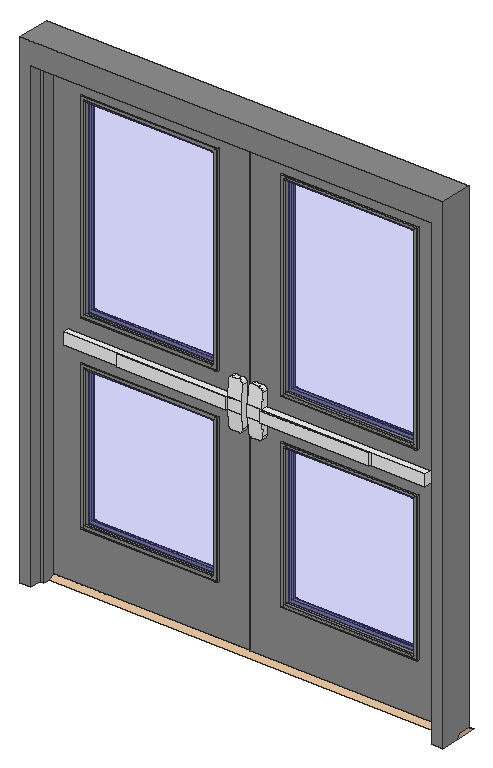
Revit family "M_Porta-Externa-Dupla-Duas-Leves", category Portas, Revit 2019
Family settings
  Hospedeiro = Parede
  Número OmniClass = 23.30.10.00
  Título OmniClass = Doors
  Sempre na vertical = Sim
  Corte com vazios quando carregada = Não
  Compartilhado = Não
  Ponto de cálculo do ambiente = Não
Parameters
  Visual Light Transmittance = 0
  Corrimão superior = 120 mm
  Comprimento do limite [instance] = if(Moldura de alvenaria, Largura + 100 mm, Largura)  # 1900 mm
  Limite [instance] = yes
  Deslocamento do limite [instance] = if(Limite, 15 mm, 0 mm)  # 15 mm
  Material do limite = Cerejeira
  Espessura = 45 mm
  Resistência térmica (R) = 0.242926 (m²·K)/W
  Ângulo de abertura [instance] = 90.00°
  Altura do traçado = 1000 mm
  Estilos = 150 mm
  Solar Heat Gain Coefficient = 0
  SinglePanelWidth = Largura / 2  # 900 mm
  Rough Width [instance] = Largura + MFOpeningWidth  # 1900 mm
  Rough Height [instance] = Height + MFOpeningHeight  # 2200 mm
  Material da barra de pânico = Metal - Aço inoxidável
  Material do painel = Metal - Pintado - Cinza
  Moldura de alvenaria [instance] = yes
  MFOpeningHeight [instance] = if(Moldura de alvenaria, 100 mm, 30 mm)  # 100 mm
  MFOpeningWidth [instance] = if(Moldura de alvenaria, 100 mm, 60 mm)  # 100 mm
  Bloquear corrimão = 200 mm
  Calcular inserção [instance] = if(Moldura de alvenaria, Inserção de alvenaria + 80 mm, 80 mm)  # 105 mm
  Inserção de alvenaria [instance] = 25 mm
  Height = 2100 mm
  Fechamento da parede = Por hospedeiro
  Largura = 1800 mm
  Coeficiente de transferência de calor (U) = 4.11674 W/(m²·K)
  Espessura do vidro = 20 mm
  Material de proteção de vidro = Metal - Pintado - Cinza
  Função = Exterior
  Material da moldura = Metal - Pintado - Cinza
  Profundidade da moldura de alvenaria = 150 mm
  Extração de material externo = Metal - Aço inoxidável
  Moldura de Dry Wall [instance] = not(Moldura de alvenaria)  # no
  Corrimão inferior = 250 mm
  Código de montagem = "B2030100"
  Construção analítica = "Moldura de metal, porta de vidro duplo"
Reference planes
  plane 1 "Centro (Frente/Trás)": y = 0
  plane 2 "Centro (Esquerda/Direita)": x = 0
  plane 3 "Esquerda": x = -950
  plane 4 "Direita": x = 950
  plane 5 "Superior": z = 2200
  plane 6 "Exterior": y = 107.95
  plane 7 "Interior": y = -95.25
  plane 8 "Painel direito da porta": x = -900
  plane 9 "Painel esquerdo da porta": x = 900
  plane 10 "Topo do painel": z = 2100
  plane 11: z = 0
  plane 12 "Face da porta interna": y = 37.95
  plane 13: z = 1000
  plane 14 "1": y = 82.95
  plane 15: y = -67.05
  plane 16: y = 33.187
  plane 17: x = -884.125
  plane 18: y = -17.838
  plane 19: z = 2149.2
  plane 20: y = 187.95
  plane 21: z = 2150
  plane 22: x = 920.05
  plane 23: x = 969.05
  plane 24: y = 120.65
  plane 25: y = -107.95
  plane 26: x = 904.175
  plane 27: y = 33.187
  plane 28: y = -4.913
  plane 29: x = 750
  plane 30: x = 150
  plane 31: x = -150
  plane 32: x = -750
  plane 33: z = 1980
  plane 34: z = 1100
  plane 35: z = 900
  plane 36: z = 250
  plane 37 "Vidro": y = 60.45
  plane 38: y = 66.65
  plane 39: y = 54.25
  plane 40: z = 1057.5
  plane 41: z = 15
  plane 42: z = 15
  plane 43: y = 215.9
  plane 44: x = -76.2
  plane 45: x = 76.2
Forms (mm)
  Extrusion 1, solid, material "Metal - Pintado - Cinza" <- "Material do painel"
    sketch origin (0, 0, 0) x (1, 0, 0) y (0, 0, 1)
      loop
        line (900, 2100) -> (1.587, 2100) -> (1.587, 15) -> (900, 15) -> (900, 2100)
      loop
        line (-900, 15) -> (-1.588, 15) -> (-1.588, 2100) -> (-900, 2100) -> (-900, 15)
      loop
        line (750, 1980) -> (150, 1980) -> (150, 1100) -> (750, 1100) -> (750, 1980)
      loop
        line (-150, 1980) -> (-750, 1980) -> (-750, 1100) -> (-150, 1100) -> (-150, 1980)
      loop
        line (750, 900) -> (150, 900) -> (150, 250) -> (750, 250) -> (750, 900)
      loop
        line (-150, 900) -> (-750, 900) -> (-750, 250) -> (-150, 250) -> (-150, 900)
    from -82.95 to -37.95
  Sweep 2, solid, material "Metal - Pintado - Cinza" <- "Material da moldura", visible <- "Moldura de alvenaria"
    path origin (0, 107.95, 0) x (1, 0, 0) y (0, 0, 1)
      loop
        line (950, 0) -> (950, 2150) -> (-950, 2150) -> (-950, 0)
    profile origin (-950, 107.95, 1075) x (0, -1, 0) y (1, 0, 0)
      loop
        line (25, 50) -> (25, 0) -> (175, 0) -> (175, 50) -> (125.787, 50) -> (125.787, 65.875) -> (74.762, 65.875) -> (74.762, 50) -> (25, 50)
  Extrusion 3, solid, material "Metal - Pintado - Cinza" <- "Material da moldura", visible <- "Moldura de alvenaria"
    sketch origin (0, 0, 0) x (0, 1, 0) y (0, 0, 1)
      loop
        line (82.95, 2200) -> (-67.05, 2200) -> (-67.05, 2149.2) -> (82.95, 2149.2) -> (82.95, 2200)
    from -950 to 950
  Sweep 4, solid, material "Metal - Pintado - Cinza" <- "Material da moldura", visible <- "Moldura de Dry Wall"
    path origin (0, 107.95, 0) x (1, 0, 0) y (0, 0, 1)
      loop
        line (950, 0) -> (950, 2200) -> (-950, 2200) -> (-950, 0)
    profile origin (950, 107.95, 1100) x (-1, 0, 0) y (0, -1, 0)
      loop
        line (-19.05, -12.7) -> (29.95, -12.7) -> (29.95, 74.762) -> (45.825, 74.762) -> (45.825, 112.862) -> (29.95, 112.862) -> (29.95, 215.9) -> (-19.05, 215.9) -> (-19.05, 203.2) -> (0, 203.2) -> (0, 0) -> (-19.05, 0) -> (-19.05, -12.7)
  Extrusion 5, solid
    sketch origin (0, 107.95, 0) x (1, 0, 0) y (0, 0, 1)
      loop
        line (750, 1980) -> (150, 1980) -> (150, 1100) -> (750, 1100) -> (750, 1980)
      loop
        line (-150, 1980) -> (-750, 1980) -> (-750, 1100) -> (-150, 1100) -> (-150, 1980)
      loop
        line (-150, 900) -> (-750, 900) -> (-750, 250) -> (-150, 250) -> (-150, 900)
      loop
        line (750, 900) -> (150, 900) -> (150, 250) -> (750, 250) -> (750, 900)
    from 37.5 to 57.5
  Sweep 6, solid, material "Metal - Pintado - Cinza" <- "Material de proteção de vidro", detail levels fine
    path origin (0, 37.95, 0) x (-1, 0, 0) y (0, 0, 1)
      loop
        line (150, 1100) -> (750, 1100) -> (750, 1980) -> (150, 1980) -> (150, 1100)
    profile "Cantoneira de vidraça : Cantoneira de vidraça" origin (-450, 37.95, 1100) x (0, 0, 1) y (0, 1, 0)
      loop
        line (0, 0) -> (-8, 0) -> (-8, -4)
        arc (-8, -4) -> (-7.414, -5.414) -> (-6, -6) r 2
        line (-6, -6) -> (7, -6)
        arc (7, -6) -> (10.536, -4.536) -> (12, -1) r 5
        line (12, -1) -> (12, 12.5) -> (0, 12.5) -> (0, 0)
  Sweep 7, solid, material "Metal - Pintado - Cinza" <- "Material de proteção de vidro", detail levels fine
    path origin (838.2, 37.95, 0) x (-1, 0, 0) y (0, 0, 1)
      loop
        line (88.2, 1100) -> (688.2, 1100) -> (688.2, 1980) -> (88.2, 1980) -> (88.2, 1100)
    profile "Cantoneira de vidraça : Cantoneira de vidraça" origin (450, 37.95, 1100) x (0, 0, 1) y (0, 1, 0)
      loop
        line (0, 0) -> (-8, 0) -> (-8, -4)
        arc (-8, -4) -> (-7.414, -5.414) -> (-6, -6) r 2
        line (-6, -6) -> (7, -6)
        arc (7, -6) -> (10.536, -4.536) -> (12, -1) r 5
        line (12, -1) -> (12, 12.5) -> (0, 12.5) -> (0, 0)
  Sweep 8, solid, material "Metal - Pintado - Cinza" <- "Material de proteção de vidro", detail levels fine
    path origin (838.2, 37.95, -990.6) x (-1, 0, 0) y (0, 0, 1)
      loop
        line (88.2, 1240.6) -> (688.2, 1240.6) -> (688.2, 1890.6) -> (88.2, 1890.6) -> (88.2, 1240.6)
    profile "Cantoneira de vidraça : Cantoneira de vidraça" origin (450, 37.95, 250) x (0, 0, 1) y (0, 1, 0)
      loop
        line (0, 0) -> (-8, 0) -> (-8, -4)
        arc (-8, -4) -> (-7.414, -5.414) -> (-6, -6) r 2
        line (-6, -6) -> (7, -6)
        arc (7, -6) -> (10.536, -4.536) -> (12, -1) r 5
        line (12, -1) -> (12, 12.5) -> (0, 12.5) -> (0, 0)
  Sweep 9, solid, material "Metal - Pintado - Cinza" <- "Material de proteção de vidro", detail levels fine
    path origin (-50.8, 37.95, -990.6) x (-1, 0, 0) y (0, 0, 1)
      loop
        line (99.2, 1240.6) -> (699.2, 1240.6) -> (699.2, 1890.6) -> (99.2, 1890.6) -> (99.2, 1240.6)
    profile "Cantoneira de vidraça : Cantoneira de vidraça" origin (-450, 37.95, 250) x (0, 0, 1) y (0, 1, 0)
      loop
        line (0, 0) -> (-8, 0) -> (-8, -4)
        arc (-8, -4) -> (-7.414, -5.414) -> (-6, -6) r 2
        line (-6, -6) -> (7, -6)
        arc (7, -6) -> (10.536, -4.536) -> (12, -1) r 5
        line (12, -1) -> (12, 12.5) -> (0, 12.5) -> (0, 0)
  Sweep 10, solid, material "Metal - Pintado - Cinza" <- "Material de proteção de vidro", detail levels fine
    path origin (0, 82.95, 0) x (-1, 0, 0) y (0, 0, 1)
      loop
        line (150, 1980) -> (150, 1100) -> (750, 1100) -> (750, 1980) -> (150, 1980)
    profile "Cantoneira de vidraça : Cantoneira de vidraça" origin (-450, 82.95, 1980) x (0, 0, 1) y (0, 1, 0)
      loop
        line (0, 0) -> (8, 0) -> (8, 4)
        arc (8, 4) -> (7.414, 5.414) -> (6, 6) r 2
        line (6, 6) -> (-7, 6)
        arc (-7, 6) -> (-10.536, 4.536) -> (-12, 1) r 5
        line (-12, 1) -> (-12, -12.5) -> (0, -12.5) -> (0, 0)
  Sweep 11, solid, material "Metal - Pintado - Cinza" <- "Material de proteção de vidro", detail levels fine
    path origin (838.2, 82.95, 0) x (-1, 0, 0) y (0, 0, 1)
      loop
        line (88.2, 1980) -> (88.2, 1100) -> (688.2, 1100) -> (688.2, 1980) -> (88.2, 1980)
    profile "Cantoneira de vidraça : Cantoneira de vidraça" origin (450, 82.95, 1980) x (0, 0, 1) y (0, 1, 0)
      loop
        line (0, 0) -> (8, 0) -> (8, 4)
        arc (8, 4) -> (7.414, 5.414) -> (6, 6) r 2
        line (6, 6) -> (-7, 6)
        arc (-7, 6) -> (-10.536, 4.536) -> (-12, 1) r 5
        line (-12, 1) -> (-12, -12.5) -> (0, -12.5) -> (0, 0)
  Sweep 12, solid, material "Metal - Pintado - Cinza" <- "Material de proteção de vidro", detail levels fine
    path origin (838.2, 82.95, -1066.8) x (-1, 0, 0) y (0, 0, 1)
      loop
        line (88.2, 1966.8) -> (88.2, 1316.8) -> (688.2, 1316.8) -> (688.2, 1966.8) -> (88.2, 1966.8)
    profile "Cantoneira de vidraça : Cantoneira de vidraça" origin (450, 82.95, 900) x (0, 0, 1) y (0, 1, 0)
      loop
        line (0, 0) -> (8, 0) -> (8, 4)
        arc (8, 4) -> (7.414, 5.414) -> (6, 6) r 2
        line (6, 6) -> (-7, 6)
        arc (-7, 6) -> (-10.536, 4.536) -> (-12, 1) r 5
        line (-12, 1) -> (-12, -12.5) -> (0, -12.5) -> (0, 0)
  Sweep 13, solid, material "Metal - Pintado - Cinza" <- "Material de proteção de vidro", detail levels fine
    path origin (-76.2, 82.95, -1066.8) x (-1, 0, 0) y (0, 0, 1)
      loop
        line (73.8, 1966.8) -> (73.8, 1316.8) -> (673.8, 1316.8) -> (673.8, 1966.8) -> (73.8, 1966.8)
    profile "Cantoneira de vidraça : Cantoneira de vidraça" origin (-450, 82.95, 900) x (0, 0, 1) y (0, 1, 0)
      loop
        line (0, 0) -> (8, 0) -> (8, 4)
        arc (8, 4) -> (7.414, 5.414) -> (6, 6) r 2
        line (6, 6) -> (-7, 6)
        arc (-7, 6) -> (-10.536, 4.536) -> (-12, 1) r 5
        line (-12, 1) -> (-12, -12.5) -> (0, -12.5) -> (0, 0)
Cuts and joins
  joined: Sweep 2, Extrusion 3
Lines and regions (mm)
  Opening 1
    outline origin (-2286, -95.25, 0) x (1, 0, 0) y (0, 0, 1)
      loop
        line (1336, 0) -> (3236, 0) -> (3236, 2200) -> (1336, 2200) -> (1336, 0)
  Masking region 1, visible <- "Moldura de alvenaria", detail levels coarse+medium
    outline origin (0, 0, 0) x (1, 0, 0) y (0, 1, 0)
      loop
        line (-950, 82.95) -> (-950, -67.05) -> (-900, -67.05) -> (-900, 82.95) -> (-950, 82.95)
      loop
        line (950, 82.95) -> (900, 82.95) -> (900, -67.05) -> (950, -67.05) -> (950, 82.95)
  Masking region 2, visible <- "Moldura de alvenaria", detail levels fine
    outline origin (0, 0, 0) x (1, 0, 0) y (0, 1, 0)
      loop
        line (-950, 82.95) -> (-950, -67.05) -> (-900, -67.05) -> (-900, -17.838) -> (-884.125, -17.838) -> (-884.125, 33.187) -> (-900, 33.187) -> (-900, 82.95) -> (-950, 82.95)
      loop
        line (950, 82.95) -> (900, 82.95) -> (900, 33.187) -> (884.125, 33.187) -> (884.125, -17.838) -> (900, -17.838) -> (900, -67.05) -> (950, -67.05) -> (950, 82.95)
  Masking region 3, visible <- "Moldura de Dry Wall", detail levels coarse+medium
    outline origin (0, 0, 0) x (1, 0, 0) y (0, 1, 0)
      loop
        line (920.05, -95.25) -> (950, -95.25) -> (950, 107.95) -> (920.05, 107.95) -> (920.05, -95.25)
      loop
        line (-950, 107.95) -> (-950, -95.25) -> (-920.05, -95.25) -> (-920.05, 107.95) -> (-950, 107.95)
  Masking region 4, visible <- "Moldura de Dry Wall", detail levels fine
    outline origin (0, 0, 0) x (1, 0, 0) y (0, 1, 0)
      loop
        line (-969.05, 120.65) -> (-969.05, 107.95) -> (-950, 107.95) -> (-950, -95.25) -> (-969.05, -95.25) -> (-969.05, -107.95) -> (-920.05, -107.95) -> (-920.05, -4.913) -> (-904.175, -4.913) -> (-904.175, 33.187) -> (-920.05, 33.187) -> (-920.05, 120.65) -> (-969.05, 120.65)
      loop
        line (969.05, 107.95) -> (969.05, 120.65) -> (920.05, 120.65) -> (920.05, 33.187) -> (904.175, 33.187) -> (904.175, -4.913) -> (920.05, -4.913) -> (920.05, -107.95) -> (969.05, -107.95) -> (969.05, -95.25) -> (950, -95.25) -> (950, 107.95) -> (969.05, 107.95)
  symbolic lines, style "Giro da elevação"
    curve 1: line (0, 0, 2100) -> (900, 0, 1057.5)
    curve 2: line (900, 0, 1057.5) -> (0, 0, 14.954)
    curve 3: line (-900, 0, 1057.5) -> (0, 0, 2100)
    curve 4: line (-900, 0, 1057.5) -> (0, 0, 14.954)
  symbolic lines, style "DoorsGlassProjection"
    curve 5: line (0, 60.45, 250) -> (0, 60.45, 900)
  model lines, style "DoorsGlassProjection"
    curve 6: line (750, 60.45, 1980) -> (750, 60.45, 1100)
    curve 7: line (150, 60.45, 1980) -> (150, 60.45, 1100)
    curve 8: line (-150, 60.45, 1980) -> (-150, 60.45, 1100)
    curve 9: line (-750, 60.45, 1980) -> (-750, 60.45, 1100)
    curve 10: line (750, 60.45, 900) -> (750, 60.45, 250)
    curve 11: line (150, 60.45, 900) -> (150, 60.45, 250)
    curve 12: line (-150, 60.45, 900) -> (-150, 60.45, 250)
    curve 13: line (-750, 60.45, 900) -> (-750, 60.45, 250)
Text (mm)
  text "Exterior" at (-1904.17, 693.701, 0), in view "Nível de referência"
  text "Interior" at (-1904.17, -638.649, 0), in view "Nível de referência"
  text "Exterior" at (0, 1019.848, 3124.603), in view "Direita"
  text "Interior" at (0, -1635.541, 3124.603), in view "Direita"
  text "Interior" at (0, -787.806, 3124.376), in view "Esquerda"
  text "Exterior" at (0, 1386.095, 3124.376), in view "Esquerda"
Dimensions and locks
  equal spacing: plane 3 "Esquerda", plane 2 "Centro (Esquerda/Direita)", plane 4 "Direita"
  "Rough Height": level to plane 5 "Superior"
  equal spacing: plane 8 "Painel direito da porta", plane 2 "Centro (Esquerda/Direita)", plane 9 "Painel esquerdo da porta"
  "Largura": plane 8 "Painel direito da porta" to plane 9 "Painel esquerdo da porta"
  "Height": level to plane 10 "Topo do painel"
  "Rough Width": plane 3 "Esquerda" to plane 4 "Direita"
  "Espessura": plane 14 "1" to plane 12 "Face da porta interna"
  "Profundidade da moldura de alvenaria": plane 14 "1" to plane 15
  locked: plane 12 "Face da porta interna" to plane 16 at 4.763
  locked: plane 15 to plane 18 at 49.213
  locked: plane 8 "Painel direito da porta" to plane 17 at 15.875
  locked: plane 19 to plane 5 "Superior" at 50.8
  locked: plane 6 "Exterior" to plane 20 at 80
  "Calcular inserção": plane 20 to plane 14 "1"
  locked: plane 10 "Topo do painel" to plane 21 at 50
  locked: plane 4 "Direita" to plane 23 at 19.05
  locked: plane 6 "Exterior" to plane 24 at 12.7
  locked: plane 25 to plane 7 "Interior" at 12.7
  locked: plane 22 to plane 23 at 49
  plane 12 "Face da porta interna" to plane 27 to plane 28 = 4.763 mm locked, 38.1 mm locked
  locked: plane 26 to plane 22 at 15.875
  "Altura do traçado": plane 11 to plane 13
  locked: Extrusion 1 sketch curve to plane 2 "Centro (Esquerda/Direita)" at 1.588
  locked: plane 2 "Centro (Esquerda/Direita)" to Extrusion 1 sketch curve at 1.587
  "Corrimão superior": plane 33 to plane 10 "Topo do painel"
  "Estilos": plane 29 to plane 9 "Painel esquerdo da porta"
  "Estilos": plane 2 "Centro (Esquerda/Direita)" to plane 30
  "Estilos": plane 31 to plane 2 "Centro (Esquerda/Direita)"
  "Estilos": plane 8 "Painel direito da porta" to plane 32
  "Corrimão inferior": plane 11 to plane 36
  "Bloquear corrimão": plane 35 to plane 34
  equal spacing: plane 35, plane 13, plane 34
  equal spacing: plane 14 "1", plane 37 "Vidro", plane 12 "Face da porta interna"
  equal spacing: plane 38, plane 37 "Vidro", plane 39
  locked: plane 41 to plane 42
  equal spacing: plane 41, plane 40, plane 10 "Topo do painel"
  "Deslocamento do limite": plane 42 to plane 11
  equal spacing: plane 45, plane 2 "Centro (Esquerda/Direita)", plane 44
  locked: plane 45 to plane 2 "Centro (Esquerda/Direita)" at 76.2
  equal spacing: Extrusion 5, plane 37 "Vidro", Extrusion 5
  "Espessura do vidro": Extrusion 5 to Extrusion 5
  aligned and locked: plane 3 "Esquerda" to Opening 1 sketch curve
  aligned and locked: plane 5 "Superior" to Opening 1 sketch curve  (x2)
  aligned and locked: Opening 1 sketch curve to plane 4 "Direita"
  aligned and locked: Opening 1 sketch curve to level
  aligned and locked: plane 6 "Exterior" to host wall
  aligned and locked: plane 7 "Interior" to host wall
  aligned and locked: plane 11 to level
  aligned and locked: Extrusion 1 sketch curve to plane 10 "Topo do painel"
  aligned and locked: Extrusion 1 sketch curve to plane 8 "Painel direito da porta"
  aligned and locked: plane 9 "Painel esquerdo da porta" to Extrusion 1 sketch curve
  aligned and locked: Extrusion 1 to plane 12 "Face da porta interna"
  aligned and locked: nested 1 to plane 9 "Painel esquerdo da porta"
  aligned and locked: nested 1 to plane 14 "1"
  aligned and locked: Extrusion 1 to nested 1
  aligned and locked: Sweep 2 sketch curve to plane 3 "Esquerda"  (x2)
  aligned and locked: plane 11 to Sweep 2 sketch curve  (x2)
  aligned and locked: plane 17 to Sweep 2 sketch curve
  aligned and locked: plane 8 "Painel direito da porta" to Sweep 2 sketch curve  (x2)
  aligned and locked: Sweep 2 sketch curve to plane 16
  aligned and locked: plane 18 to Sweep 2 sketch curve
  aligned and locked: plane 15 to Sweep 2 sketch curve
  aligned and locked: Sweep 2 sketch curve to plane 14 "1"
  aligned and locked: Sweep 2 sketch curve to plane 4 "Direita"
  aligned and locked: plane 5 "Superior" to Extrusion 3 sketch curve
  aligned and locked: Extrusion 3 sketch curve to plane 15
  aligned and locked: Extrusion 3 sketch curve to plane 14 "1"
  aligned and locked: plane 19 to Extrusion 3 sketch curve
  aligned and locked: cut or joined group of Sweep 2, Extrusion 3 to plane 4 "Direita"
  aligned and locked: plane 3 "Esquerda" to cut or joined group of Sweep 2, Extrusion 3
  aligned and locked: Masking region 1 sketch curve to plane 14 "1"  (x2)
  aligned and locked: plane 8 "Painel direito da porta" to Masking region 1 sketch curve
  aligned and locked: plane 15 to Masking region 1 sketch curve  (x2)
  aligned and locked: Masking region 1 sketch curve to plane 3 "Esquerda"
  aligned and locked: Masking region 1 sketch curve to plane 4 "Direita"
  aligned and locked: plane 9 "Painel esquerdo da porta" to Masking region 1 sketch curve
  aligned and locked: Masking region 2 sketch curve to plane 3 "Esquerda"
  aligned and locked: plane 15 to Masking region 2 sketch curve  (x2)
  aligned and locked: plane 8 "Painel direito da porta" to Masking region 2 sketch curve  (x2)
  aligned and locked: Masking region 2 sketch curve to plane 14 "1"  (x2)
  aligned and locked: Masking region 2 sketch curve to cut or joined group of Sweep 2, Extrusion 3  (x4)
  aligned and locked: Masking region 2 sketch curve to plane 4 "Direita"
  aligned and locked: plane 9 "Painel esquerdo da porta" to Masking region 2 sketch curve  (x2)
  aligned and locked: cut or joined group of Sweep 2, Extrusion 3 to Masking region 2 sketch curve  (x2)
  aligned and locked: Sweep 2 sketch curve to plane 21
  aligned and locked: plane 4 "Direita" to Sweep 4 sketch curve
  aligned and locked: Sweep 4 sketch curve to plane 3 "Esquerda"
  aligned and locked: plane 23 to Sweep 4 sketch curve  (x2)
  aligned and locked: Sweep 4 sketch curve to plane 7 "Interior"
  aligned and locked: plane 25 to Sweep 4 sketch curve
  aligned and locked: Sweep 4 sketch curve to plane 22  (x2)
  aligned and locked: plane 28 to Sweep 4 sketch curve
  aligned and locked: plane 26 to Sweep 4 sketch curve
  aligned and locked: Sweep 4 sketch curve to plane 27
  aligned and locked: Sweep 4 sketch curve to plane 24
  aligned and locked: plane 6 "Exterior" to Sweep 4 sketch curve
  aligned and locked: Sweep 4 sketch curve to plane 4 "Direita"
  aligned and locked: plane 5 "Superior" to Sweep 4 sketch curve
  aligned and locked: Masking region 3 sketch curve to plane 6 "Exterior"
  aligned and locked: plane 7 "Interior" to Masking region 3 sketch curve
  aligned and locked: Masking region 3 sketch curve to plane 4 "Direita"
  aligned and locked: Masking region 3 sketch curve to Sweep 4  (x2)
  aligned and locked: plane 6 "Exterior" to Masking region 3 sketch curve
  aligned and locked: Masking region 3 sketch curve to plane 3 "Esquerda"
  aligned and locked: Masking region 3 sketch curve to plane 7 "Interior"
  aligned and locked: Masking region 4 sketch curve to plane 3 "Esquerda"
  aligned and locked: Masking region 4 sketch curve to Sweep 4  (x13)
  aligned and locked: Masking region 4 sketch curve to plane 6 "Exterior"
  aligned and locked: plane 7 "Interior" to Masking region 4 sketch curve
  aligned and locked: Masking region 4 sketch curve to plane 4 "Direita"
  aligned and locked: Masking region 4 sketch curve to plane 7 "Interior"
  aligned and locked: Sweep 4 to Masking region 4 sketch curve  (x5)
  aligned and locked: plane 6 "Exterior" to Masking region 4 sketch curve
  aligned and locked: plane 11 to Sweep 4 sketch curve  (x2)
  aligned and locked: plane 29 to Extrusion 1 sketch curve  (x2)
  aligned and locked: plane 34 to Extrusion 1 sketch curve  (x2)
  aligned and locked: Extrusion 1 sketch curve to plane 30  (x2)
  aligned and locked: Extrusion 1 sketch curve to plane 33  (x2)
  aligned and locked: plane 31 to Extrusion 1 sketch curve  (x2)
  aligned and locked: Extrusion 1 sketch curve to plane 32  (x2)
  aligned and locked: Extrusion 1 sketch curve to plane 35  (x2)
  aligned and locked: plane 36 to Extrusion 1 sketch curve  (x2)
  aligned and locked: Extrusion 5 sketch curve to plane 33  (x2)
  aligned and locked: plane 29 to Extrusion 5 sketch curve  (x2)
  aligned and locked: plane 34 to Extrusion 5 sketch curve  (x2)
  aligned and locked: Extrusion 5 sketch curve to plane 30  (x2)
  aligned and locked: plane 31 to Extrusion 5 sketch curve  (x2)
  aligned and locked: Extrusion 5 sketch curve to plane 32  (x2)
  aligned and locked: Extrusion 5 sketch curve to plane 35  (x2)
  aligned and locked: plane 36 to Extrusion 5 sketch curve  (x2)
  aligned and locked: nested 2 to plane 8 "Painel direito da porta"
  aligned and locked: plane 14 "1" to nested 2
  aligned and locked: Sweep 6 sketch curve to plane 32
  aligned and locked: Sweep 6 sketch curve to plane 33
  aligned and locked: plane 31 to Sweep 6 sketch curve
  aligned and locked: plane 34 to Sweep 6 sketch curve
  aligned and locked: plane 29 to Sweep 7 sketch curve
  aligned and locked: Sweep 7 sketch curve to plane 30
  aligned and locked: plane 34 to Sweep 7 sketch curve
  aligned and locked: Sweep 7 sketch curve to plane 33
  aligned and locked: Sweep 9 sketch curve to plane 32
  aligned and locked: plane 31 to Sweep 9 sketch curve
  aligned and locked: Sweep 9 sketch curve to plane 35
  aligned and locked: plane 36 to Sweep 9 sketch curve
  aligned and locked: Sweep 8 sketch curve to plane 35
  aligned and locked: Sweep 8 sketch curve to plane 30
  aligned and locked: plane 36 to Sweep 8 sketch curve
  aligned and locked: plane 29 to Sweep 8 sketch curve
  aligned and locked: Sweep 10 sketch curve to plane 33
  aligned and locked: plane 31 to Sweep 10 sketch curve
  aligned and locked: Sweep 10 sketch curve to plane 32
  aligned and locked: plane 34 to Sweep 10 sketch curve
  aligned and locked: plane 29 to Sweep 11 sketch curve
  aligned and locked: Sweep 11 sketch curve to plane 30
  aligned and locked: plane 34 to Sweep 11 sketch curve
  aligned and locked: Sweep 11 sketch curve to plane 33
  aligned and locked: Sweep 12 sketch curve to plane 35
  aligned and locked: Sweep 12 sketch curve to plane 30
  aligned and locked: plane 36 to Sweep 12 sketch curve
  aligned and locked: plane 29 to Sweep 12 sketch curve
  aligned and locked: plane 31 to Sweep 13 sketch curve
  aligned and locked: Sweep 13 sketch curve to plane 35
  aligned and locked: Sweep 13 sketch curve to plane 32
  aligned and locked: plane 36 to Sweep 13 sketch curve
  aligned and locked: plane 41 to Extrusion 1 sketch curve  (x2)
  aligned and locked: plane 2 "Centro (Esquerda/Direita)" to curve 2
  aligned and locked: plane 37 "Vidro" to curve 5
  aligned and locked: plane 36 to curve 5
  aligned and locked: plane 13 to nested 3
  aligned and locked: plane 13 to nested 4
  aligned and locked: nested 3 to plane 44
  aligned and locked: plane 45 to nested 4
  aligned and locked: plane 13 to nested 5
  aligned and locked: plane 45 to nested 5
  aligned and locked: nested 7 to plane 44
  aligned and locked: nested 7 to plane 13
  aligned and locked: plane 12 "Face da porta interna" to nested 7
  aligned and locked: nested 5 to plane 12 "Face da porta interna"
  aligned and locked: plane 33 to curve 6
  aligned and locked: plane 34 to curve 6
  aligned and locked: curve 6 to plane 29
  aligned and locked: plane 33 to curve 7
  aligned and locked: plane 33 to curve 8
  aligned and locked: plane 33 to curve 9
  aligned and locked: plane 34 to curve 7
  aligned and locked: plane 34 to curve 8
  aligned and locked: plane 34 to curve 9
  aligned and locked: curve 7 to plane 30
  aligned and locked: curve 8 to plane 31
  aligned and locked: curve 9 to plane 32
  aligned and locked: plane 36 to curve 10
  aligned and locked: plane 35 to curve 10
  aligned and locked: curve 10 to plane 29
  aligned and locked: curve 11 to plane 30
  aligned and locked: curve 12 to plane 31
  aligned and locked: curve 13 to plane 32
  aligned and locked: plane 35 to curve 11
  aligned and locked: plane 35 to curve 12
  aligned and locked: plane 35 to curve 13
  aligned and locked: plane 36 to curve 11
  aligned and locked: plane 36 to curve 12
  aligned and locked: plane 36 to curve 13
  aligned and locked: nested 3 to plane 14 "1"
  aligned and locked: nested 4 to plane 14 "1"
  aligned and locked: nested 6 to plane 2 "Centro (Esquerda/Direita)"
  aligned and locked: plane 37 "Vidro" to nested 6
Automatic sketch dimensions
  curve 5 to plane 35 = 0 mm
  Extrusion 1 sketch curve to plane 10 "Topo do painel" = 0 mm
  plane 8 "Painel direito da porta" to curve 4 = 0 mm
  curve 3 to plane 2 "Centro (Esquerda/Direita)" = 0 mm
  plane 9 "Painel esquerdo da porta" to curve 1 = 0 mm
  curve 1 to plane 40 = 0 mm
  curve 3 to plane 40 = 0 mm
  curve 1 to plane 10 "Topo do painel" = 0 mm
  curve 4 to plane 41 = 0.046 mm
Nested families
  nested 1: "Porta com abertura única" at (900, 82.95, 0), Ângulo de abertura <- "Ângulo de abertura", type "Único"
    with Abertura visível yes, Ângulo de abertura 90.00°, Ângulo real 90.00°
  nested 2: "Porta com abertura única" at (-900, 82.95, 0) x (-1, 0, 0) z (0, 0, 1), Ângulo de abertura <- "Ângulo de abertura", type "Único"
    with Abertura visível yes, Ângulo de abertura 90.00°, Ângulo real 90.00°
  nested 3: "M_Extremidade externa" at (-76.2, 82.95, 1000), type "Com tranca", detail levels fine
  nested 4: "M_Extremidade externa" at (76.2, 82.95, 1000), type "Sem tranca", detail levels fine
  nested 5: "M_Barra de pânico" at (76.2, 37.95, 1000), type "Padrão", detail levels fine
  nested 6: "Limite" at (0, 60.45, 0) x (0, -1, 0) z (0, 0, 1), visible <- "Limite", type "Limite"
    with Comprimento do limite 1900 mm, Largura do painel 45 mm
  nested 7: "M_Barra de pânico" at (-76.2, 37.95, 1000) x (-1, 0, 0) z (0, 0, 1), type "Padrão", detail levels fine
Definition of nested family "M_Extremidade externa"
  Parameters (values of type "Com tranca")
    Width = 80 mm
    Thickness = 15 mm
    Material = none
    Tranca = yes
    Height = 350 mm
    Analytic Construction = "<Nenhum>"
  Types (2, lengths in mm): name | Tranca
    Com tranca | yes
    Sem tranca | no
  Reference planes
    plane 1 "Centro (Frente/Trás)": y = 0
    plane 2: z = 0
    plane 3 "Centro (Esquerda/Direita)": x = 0
    plane 4: z = -175
    plane 5: z = 175
    plane 6: x = 40
    plane 7: x = -40
    plane 8: z = 98.8
    plane 9: y = -6.35
    plane 10: y = 8.467
    plane 11: y = 15
    plane 12: y = 23.731
  Forms (mm)
    Extrusion 1, solid, material <- "Material"
      sketch origin (0, 0, 0) x (1, 0, 0) y (0, 0, 1)
        loop
          line (40, -175) -> (40, 175)
          arc (40, 175) -> (0, 184.362) -> (-40, 175) r 90.129
          line (-40, 175) -> (-40, -175)
          arc (-40, -175) -> (0, -184.362) -> (40, -175) r 90.129
      from -15 to 0
    Extrusion 2, solid, material <- "Material", visible <- "Tranca"
      sketch origin (0, 0, 0) x (1, 0, 0) y (0, 0, 1)
        loop
          circle (0, 98.8) r 19
      from -23.731 to -15
    Sweep 3, solid, material <- "Material"
      path origin (0, 2.3, 0) x (0, 1, 0) y (0, 0, 1)
        loop
          line (12.7, 0) -> (38.1, 0)
          arc (38.1, 0) -> (47.08, -3.72) -> (50.8, -12.7) r 12.7
          line (50.8, -12.7) -> (50.8, -111.5)
          arc (50.8, -111.5) -> (47.08, -120.48) -> (38.1, -124.2) r 12.7
          line (38.1, -124.2) -> (12.7, -124.2)
      profile origin (0, 27.7, 0) x (0, 0, 1) y (1, 0, 0)
        loop
          line (-1.191, -10) -> (1.191, -10)
          arc (1.191, -10) -> (3.716, -8.954) -> (4.763, -6.428) r 3.572
          line (4.763, -6.428) -> (4.763, 6.428)
          arc (4.763, 6.428) -> (3.716, 8.954) -> (1.191, 10) r 3.572
          line (1.191, 10) -> (-1.191, 10)
          arc (-1.191, 10) -> (-3.716, 8.954) -> (-4.763, 6.428) r 3.572
          line (-4.763, 6.428) -> (-4.763, -6.428)
          arc (-4.763, -6.428) -> (-3.716, -8.954) -> (-1.191, -10) r 3.572
  Dimensions and locks
    equal spacing: plane 4, plane 2, plane 5
    "Height": plane 4 to plane 5
    equal spacing: plane 7, plane 3 "Centro (Esquerda/Direita)", plane 6
    "Width": plane 7 to plane 6
    plane 8 to plane 5 = 76.2 mm
    plane 1 "Centro (Frente/Trás)" to plane 9 = 6.35 mm
    "Thickness": plane 11 to plane 1 "Centro (Frente/Trás)"
    locked: plane 12 to plane 11 at 8.731
    aligned and locked: plane 2 to level
    aligned and locked: Extrusion 1 sketch curve to plane 6
    aligned and locked: Extrusion 1 sketch curve to plane 7
    aligned and locked: plane 11 to Extrusion 1
    aligned and locked: plane 1 "Centro (Frente/Trás)" to Extrusion 1
    aligned and locked: Extrusion 2 to plane 12
    aligned and locked: Extrusion 2 to plane 11
    aligned and locked: plane 11 to Sweep 3 sketch curve  (x2)
  Automatic sketch dimensions
    Extrusion 1 sketch curve to plane 3 "Centro (Esquerda/Direita)" = 0 mm  (x2)
    Extrusion 1 sketch curve to plane 5 = 0 mm
    plane 4 to Extrusion 1 sketch curve = 80.766 mm
    plane 5 to Extrusion 1 sketch curve = 80.766 mm
    Extrusion 1 sketch curve to plane 4 = 0 mm
    Sweep 3 sketch curve to level = 0 mm
    plane 10 to Sweep 3 sketch curve = 31.933 mm  (x2)
    Sweep 3 sketch curve to Sweep 3 sketch curve = 12.7 mm
    plane 4 to Sweep 3 sketch curve = 63.5 mm
    profile plane to Sweep 3 sketch curve = 4.763 mm
    profile plane to Sweep 3 sketch curve = 1.191 mm  (x2)
    Sweep 3 sketch curve to profile plane = 1.191 mm  (x2)
    Sweep 3 sketch curve to Sweep 3 sketch curve = 3.572 mm
    Sweep 3 sketch curve to plane 3 "Centro (Esquerda/Direita)" = 10 mm
    plane 3 "Centro (Esquerda/Direita)" to Sweep 3 sketch curve = 6.428 mm
    Extrusion 2 sketch curve to plane 3 "Centro (Esquerda/Direita)" = 0 mm
    Extrusion 2 sketch curve to plane 8 = 0 mm
    radius of Extrusion 2 sketch curve = 19 mm
Definition of nested family "M_Barra de pânico"
  Parameters (values of type "Padrão")
    Width = 0 mm
    Thickness = 0 mm
    Material = none
    Largura do painel da porta = 900 mm
    Comprimento total = Largura do painel da porta - 100 mm  # 800 mm
    Height = 0 mm
    Analytic Construction = "<Nenhum>"
  Reference planes
    plane 1 "Centro (Frente/Trás)": y = 0
    plane 2: z = 0
    plane 3 "Centro (Esquerda/Direita)": x = 0
    plane 4: x = 736.5
    plane 5: x = -63.5
    plane 6: z = 107.95
    plane 7: z = 25.4
    plane 8: z = -25.4
    plane 9: x = 491
    plane 10: y = -31.75
    plane 11: y = -28.575
    plane 12: z = -107.95
    plane 13: y = -38.1
    plane 14: x = 245.5
    plane 15: x = -31.75
  Forms (mm)
    Extrusion 1, solid, material <- "Material"
      sketch origin (0, 0, 0) x (1, 0, 0) y (0, 0, 1)
        loop
          line (-44.45, -107.95) -> (-19.05, -107.95)
          arc (-19.05, -107.95) -> (-5.58, -102.37) -> (0, -88.9) r 19.05
          line (0, -88.9) -> (0, 88.9)
          arc (0, 88.9) -> (-5.58, 102.37) -> (-19.05, 107.95) r 19.05
          line (-19.05, 107.95) -> (-44.45, 107.95)
          arc (-44.45, 107.95) -> (-57.92, 102.37) -> (-63.5, 88.9) r 19.05
          line (-63.5, 88.9) -> (-63.5, -88.9)
          arc (-63.5, -88.9) -> (-57.92, -102.37) -> (-44.45, -107.95) r 19.05
      from 0 to 28.575
    Extrusion 2, solid, material <- "Material"
      sketch origin (0, 0, 0) x (1, 0, 0) y (0, 0, 1)
        loop
          line (-63.5, 25.4) -> (-63.5, -25.4) -> (736.5, -25.4) -> (736.5, 25.4) -> (-63.5, 25.4)
      from 0 to 31.75
    Extrusion 3, solid, material <- "Material"
      sketch origin (0, 0, 0) x (1, 0, 0) y (0, 0, 1)
        loop
          line (0, 25.4) -> (0, -25.4) -> (491, -25.4) -> (491, 25.4) -> (0, 25.4)
      from 31.75 to 38.1
    Extrusion 4, void
      sketch origin (0, 0, 0) x (0, 1, 0) y (0, 0, 1)
        loop
          line (-38.1, 107.95) -> (-38.1, 25.4) -> (-28.575, 25.4) -> (-22.062, 107.95) -> (-38.1, 107.95)
        loop
          line (-38.1, -107.95) -> (-22.062, -107.95) -> (-28.575, -25.4) -> (-38.1, -25.4) -> (-38.1, -107.95)
      from -63.5 to 0
  Cuts and joins
    Extrusion 4 cuts Extrusion 1
    Extrusion 4 cuts Extrusion 2
    joined: Extrusion 1, Extrusion 2
    Extrusion 4 cuts Extrusion 3
  Dimensions and locks
    equal spacing: plane 6, plane 2, plane 12
    locked: plane 6 to plane 12 at 215.9
    plane 1 "Centro (Frente/Trás)" to plane 10 = 31.75 mm
    "Comprimento total": plane 5 to plane 4
    plane 7 to plane 8 = 50.8 mm
    equal spacing: plane 7, level, plane 8
    plane 11 to plane 1 "Centro (Frente/Trás)" = 28.575 mm
    locked: plane 13 to plane 10 at 6.35
    equal spacing: plane 4, plane 9, plane 14, plane 3 "Centro (Esquerda/Direita)"
    locked: plane 3 "Centro (Esquerda/Direita)" to plane 5 at 63.5
    equal spacing: plane 3 "Centro (Esquerda/Direita)", plane 15, plane 5
    radius of Extrusion 1 sketch curve = 19.05 mm  (x4)
    aligned and locked: plane 2 to level
    aligned and locked: plane 4 to cut or joined group of Extrusion 1, Extrusion 2, Extrusion 4
    aligned and locked: plane 13 to Extrusion 3
    aligned and locked: Extrusion 1 to plane 1 "Centro (Frente/Trás)"
    aligned and locked: Extrusion 2 to plane 1 "Centro (Frente/Trás)"
    aligned and locked: cut or joined group of Extrusion 1, Extrusion 2, Extrusion 4 to plane 11
    aligned and locked: Extrusion 3 to plane 10
    aligned and locked: plane 10 to cut or joined group of Extrusion 1, Extrusion 2, Extrusion 4
    aligned and locked: plane 5 to Extrusion 2 sketch curve
    aligned and locked: Extrusion 4 to Extrusion 3
    aligned and locked: Extrusion 4 to plane 5
    aligned and locked: cut or joined group of Extrusion 3, Extrusion 4 to plane 3 "Centro (Esquerda/Direita)"
  Automatic sketch dimensions
    Extrusion 3 sketch curve to plane 8 = 0 mm
    Extrusion 3 sketch curve to plane 7 = 0 mm
    Extrusion 3 sketch curve to plane 9 = 0 mm
    Extrusion 1 sketch curve to plane 5 = 0 mm
    Extrusion 1 sketch curve to plane 6 = 0 mm
    Extrusion 1 sketch curve to plane 12 = 0 mm
    Extrusion 1 sketch curve to plane 3 "Centro (Esquerda/Direita)" = 19.05 mm
    Extrusion 2 sketch curve to plane 4 = 0 mm
    Extrusion 2 sketch curve to plane 8 = 0 mm
    Extrusion 2 sketch curve to plane 7 = 0 mm
    Extrusion 4 sketch curve to plane 6 = 0 mm
    Extrusion 4 sketch curve to plane 13 = 0 mm  (x2)
    plane 8 to Extrusion 4 sketch curve = 0 mm
    Extrusion 4 sketch curve to plane 7 = 0 mm
    Extrusion 4 sketch curve to plane 11 = 0 mm  (x2)
    plane 12 to Extrusion 4 sketch curve = 0 mm
    Extrusion 4 sketch curve to plane 11 = 6.513 mm  (x2)
    plane 3 "Centro (Esquerda/Direita)" to Extrusion 3 sketch curve = 0 mm
Definition of nested family "Limite"
  Parameters (values of type "Limite")
    Comprimento do limite = 1500 mm
    Altura do limite = 15 mm
    Largura do painel = 35 mm
    Material = none
    Analytic Construction = "<Nenhum>"
  Reference planes
    plane 1 "Centro (Frente/Trás)": y = 0
    plane 2: z = 0
    plane 3 "Centro (Esquerda/Direita)": x = 0
    plane 4: x = -42.9
    plane 5: x = 42.9
    plane 6: z = 15
    plane 7: x = -17.5
    plane 8: x = 17.5
    plane 9: y = 750
    plane 10: y = -750
  Forms (mm)
    Extrusion 1, solid, material <- "Material"
      sketch origin (0, 0, 0) x (1, 0, 0) y (0, 0, 1)
        loop
          line (-42.9, 0) -> (42.9, 0) -> (17.5, 15) -> (-17.5, 15) -> (-42.9, 0)
      from -750 to 750
  Dimensions and locks
    "Altura do limite": plane 6 to plane 2
    equal spacing: plane 8, plane 3 "Centro (Esquerda/Direita)", plane 7
    "Largura do painel": plane 8 to plane 7
    equal spacing: plane 9, plane 1 "Centro (Frente/Trás)", plane 10
    "Comprimento do limite": plane 9 to plane 10
    locked: plane 7 to plane 4 at 25.4
    locked: plane 8 to plane 5 at 25.4
    aligned and locked: plane 2 to level
    aligned and locked: Extrusion 1 sketch curve to plane 6
    aligned and locked: Extrusion 1 sketch curve to plane 2
    aligned and locked: plane 5 to Extrusion 1 sketch curve
    aligned and locked: plane 7 to Extrusion 1 sketch curve
    aligned and locked: plane 8 to Extrusion 1 sketch curve
    aligned and locked: plane 9 to Extrusion 1
    aligned and locked: plane 10 to Extrusion 1
  Automatic sketch dimensions
    Extrusion 1 sketch curve to plane 4 = 0 mm
Definition of nested family "Porta com abertura única"
  Parameters (values of type "Único")
    Width = 900 mm
    Thickness = 45 mm
    Abertura visível [instance] = Ângulo de abertura > 1.00°  # yes
    Ângulo de abertura [instance] = 45.00°
    Assembly Code = ""
    Analytic Construction = "<Nenhum>"
    Ângulo real [instance] = if(Ângulo de abertura < 1.00°, 1.00°, Ângulo de abertura)  # 45.00°
  Reference planes
    plane 1 "Centro (Frente/Trás)": y = 0
    plane 2: z = 0
    plane 3 "Centro (Esquerda/Direita)": x = 0
    plane 4: x = -900
  Lines and regions (mm)
    Masking region 1
      outline origin (0, 0, 0) x (-0.707107, 0.707107, 0) y (-0.707107, -0.707107, 0)
        loop
          line (0, 0) -> (900, 0) -> (900, 45) -> (0, 45) -> (0, 0)
    symbolic lines
      curve 1: line (0, 0, 0) -> (-900, 0, 0)
    symbolic lines, visible <- "Abertura visível"
      curve 2: arc (-900, 0, 0) -> (-831.492, 344.415, 0) -> (-636.396, 636.396, 0) r 900
    reference lines
      curve 3: line (0, 0, 0) -> (-636.396, 636.396, 0)
    model lines
      curve 4: line (0, 0, 0) -> (0, 0, 25.4)
  Dimensions and locks
    "Width": plane 4 to plane 3 "Centro (Esquerda/Direita)"
    locked: curve 2 to plane 3 "Centro (Esquerda/Direita)"
    locked: curve 2 to plane 1 "Centro (Frente/Trás)"
    "Width": curve 3 to curve 3
    "Thickness": Masking region 1 sketch curve to Masking region 1 sketch curve
    locked: curve 4 to plane 2 at 25.4
    "Width": radius of curve 2
    "Ângulo real": angle curve 2 to curve 2
    "Ângulo de abertura": angle curve 3 to plane 1 "Centro (Frente/Trás)"
    aligned and locked: curve 1 to plane 1 "Centro (Frente/Trás)"
    aligned and locked: plane 3 "Centro (Esquerda/Direita)" to curve 1
    aligned and locked: plane 3 "Centro (Esquerda/Direita)" to curve 3
    aligned and locked: plane 1 "Centro (Frente/Trás)" to curve 3
    aligned and locked: curve 3 to Masking region 1 sketch curve
    aligned and locked: Masking region 1 sketch curve to curve 3  (x2)
    aligned and locked: plane 3 "Centro (Esquerda/Direita)" to curve 4
    aligned and locked: plane 2 to curve 4
Types in the file's own list only (7): name | Transmissão de luz visual | Resistência térmica (R) | Coeficiente de ganho de calor solar | SinglePanelWidth | Altura | Largura | Coeficiente de transferência de calor (U)
  1800 x 2000mm | 0 | 0.2429 (m²·K)/W | 0 | 900 mm | 2000 mm | 1800 mm | 4.1167 W/(m²·K)
  1800 x 2050mm | 0 | 0.2429 (m²·K)/W | 0 | 900 mm | 2050 mm | 1800 mm | 4.1167 W/(m²·K)
  1800 x 2100mm | 0 | 0.2429 (m²·K)/W | 0 | 900 mm | 2100 mm | 1800 mm | 4.1167 W/(m²·K)
  2100 x 2000mm | 0 | 0.2429 (m²·K)/W | 0 | 1050 mm | 2000 mm | 2100 mm | 4.1167 W/(m²·K)
  2100 x 2100mm | 0 | 0.2429 (m²·K)/W | 0 | 1050 mm | 2100 mm | 2100 mm | 4.1167 W/(m²·K)
  2400 x 2000mm | 0 | 0.2429 (m²·K)/W | 0 | 1200 mm | 2000 mm | 2400 mm | 4.1167 W/(m²·K)
  2400 x 2100mm | 0 | 0.2429 (m²·K)/W | 0 | 1200 mm | 2100 mm | 2400 mm | 4.1167 W/(m²·K)
